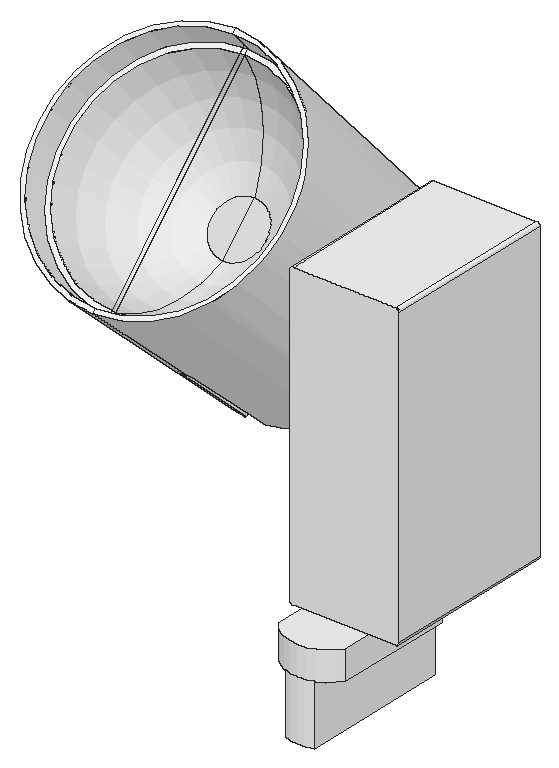
Revit family "0004833 Feilo Sylvania Lighting Fixture START TRACK SPOT L 55W 4K RA80 MB WHITE", category Lighting Fixtures, host Face, Revit 2017 (continued)
Definition of nested family "Start Track Spot Head"
  Types (96, lengths in mm): name | Wattage | built-in parameter 1150134 | Photometric Web File | Model | built-in parameter 1150105 | Lumens | built-in parameter 1150107 | built-in parameter 1150106 | HeadThickness_FEILO | HeadRibOffset_FEILO | HeadRibDepth_FEILO | HeadRibCutWidth_FEILO | HeadRibCutOffset_FEILO | HeadReflectorRadius_FEILO | HeadReflectorOffset_FEILO | HeadLEDRadius_FEILO | HeadHeight_FEILO | HeadDiffusorOffset_FEILO | HeadDiaOut_FEILO | HeadDiaIn_FEILO | HeadAxisFromTop_FEILO | Emit from Circle Diameter | built-in parameter 1150104 | Description | Apparent Load
    0004864 START TRACK SPOT S 24W 3K RA90 WB WHITE | 24 W | (empty or 0) | "0004864.ies" | "START TRACK SPOT S 24W 3K RA90 WB WHITE" | 152.79 (stored number, unit not read) | 1920 lm | 3000 (stored number, unit not read) | 1.5279 (stored number, unit not read) | 1.5 | 4.179 | 55.714 | 7.167 | 50.87 | 50.588 | 55.714 | 9.556 | 117 | 9.435 | 86 | 77.477 | 69.354 | 77.477 | 7.4322 (stored number, unit not read) | "Integrated LED spotlight, Textured White - RAL9016, compact and minimalist design, ideal for retail applications, die-cast aluminium body, passive cooling heatsink. Beam angle: 64°, color temperature: 3000K , total system power: 24W, total fixture output: 1928 lm, LOR: 100%, colour rendering: Ra: 90 typical, LED Chromaticity: 3 step MacAdam ellipse, lifetime: >50000 hours at L70B50, energy class: A++, A+, A, IR/UV free light source without heat radiation, operating voltage: 220-240V / 50-60Hz, drive current: 600mA, electronic driver, non-dimmable, power factor: 0.95, electrical protection: Class II, Global Track 3 Phase adapter suitable for Global trac 3-circuit tracks, ingress protection rating: IP20, suitable for internal environment only, horizontal rotation: 355°, vertical tilt: 90°, dimensions: Ø86x140x200, weight: 0.966kg." | 24 VA
    0004863 START TRACK SPOT S 24W 3K RA90 MB WHITE | 24 W | (empty or 0) | "0004863.ies" | "START TRACK SPOT S 24W 3K RA90 MB WHITE" | 154.7 (stored number, unit not read) | 1944 lm | 3000 (stored number, unit not read) | 1.547 (stored number, unit not read) | 1.5 | 4.179 | 55.714 | 7.167 | 50.87 | 50.588 | 55.714 | 9.556 | 117 | 9.435 | 86 | 77.477 | 69.354 | 77.477 | 7.5251 (stored number, unit not read) | "Integrated LED spotlight, Textured White - RAL9016, compact and minimalist design, ideal for retail applications, die-cast aluminium body, passive cooling heatsink. Beam angle: 36°, color temperature: 3000K , total system power: 24W, total fixture output: 1944 lm, LOR: 100%, colour rendering: Ra: 90 typical, LED Chromaticity: 3 step MacAdam ellipse, lifetime: >50000 hours at L70B50, energy class: A++, A+, A, IR/UV free light source without heat radiation, operating voltage: 220-240V / 50-60Hz, drive current: 600mA, electronic driver, non-dimmable, power factor: 0.95, electrical protection: Class II, Global Track 3 Phase adapter suitable for Global trac 3-circuit tracks, ingress protection rating: IP20, suitable for internal environment only, horizontal rotation: 355°, vertical tilt: 90°, dimensions: Ø86x140x200, weight: 0.966kg." | 24 VA
    0004862 START TRACK SPOT S 24W 3K RA90 NB WHITE | 24 W | (empty or 0) | "0004862.ies" | "START TRACK SPOT S 24W 3K RA90 NB WHITE" | 158.52 (stored number, unit not read) | 1992 lm | 3000 (stored number, unit not read) | 1.5852 (stored number, unit not read) | 1.5 | 4.179 | 55.714 | 7.167 | 50.87 | 50.588 | 55.714 | 9.556 | 117 | 9.435 | 86 | 77.477 | 69.354 | 77.477 | 7.711 (stored number, unit not read) | "Integrated LED spotlight, Textured White - RAL9016, compact and minimalist design, ideal for retail applications, die-cast aluminium body, passive cooling heatsink. Beam angle: 12°, color temperature: 3000K , total system power: 24W, total fixture output: 1987 lm, LOR: 100%, colour rendering: Ra: 90 typical, LED Chromaticity: 3 step MacAdam ellipse, lifetime: >50000 hours at L70B50, energy class: A++, A+, A, IR/UV free light source without heat radiation, operating voltage: 220-240V / 50-60Hz, drive current: 600mA, electronic driver, non-dimmable, power factor: 0.95, electrical protection: Class II, Global Track 3 Phase adapter suitable for Global trac 3-circuit tracks, ingress protection rating: IP20, suitable for internal environment only, horizontal rotation: 355°, vertical tilt: 90°, dimensions: Ø86x140x200, weight: 0.966kg." | 24 VA
    0004861 START TRACK SPOT S 14W 3K RA90 WB WHITE | 14 W | (empty or 0) | "0004861.ies" | "START TRACK SPOT S 14W 3K RA90 WB WHITE" | 100.27 (stored number, unit not read) | 1260 lm | 3000 (stored number, unit not read) | 1.0027 (stored number, unit not read) | 1.5 | 4.179 | 55.714 | 7.167 | 50.87 | 50.588 | 55.714 | 9.556 | 117 | 9.435 | 86 | 77.477 | 69.354 | 77.477 | 8.3613 (stored number, unit not read) | "Integrated LED spotlight, Textured White - RAL9016, compact and minimalist design, ideal for retail applications, die-cast aluminium body, passive cooling heatsink. Beam angle: 64°, color temperature: 3000K , total system power: 14W, total fixture output: 1262 lm, LOR: 100%, colour rendering: Ra: 90 typical, LED Chromaticity: 3 step MacAdam ellipse, lifetime: >50000 hours at L70B50, energy class: A++, A+, A, IR/UV free light source without heat radiation, operating voltage: 220-240V / 50-60Hz, drive current: 350mA, electronic driver, non-dimmable, power factor: 0.92, electrical protection: Class II, Global Track 3 Phase adapter suitable for Global trac 3-circuit tracks, ingress protection rating: IP20, suitable for internal environment only, horizontal rotation: 355°, vertical tilt: 90°, dimensions: Ø86x140x200, weight: 0.940kg." | 14 VA
    0004860 START TRACK SPOT S 14W 3K RA90 MB WHITE | 14 W | (empty or 0) | "0004860.ies" | "START TRACK SPOT S 14W 3K RA90 MB WHITE" | 100.27 (stored number, unit not read) | 1260 lm | 3000 (stored number, unit not read) | 1.0027 (stored number, unit not read) | 1.5 | 4.179 | 55.714 | 7.167 | 50.87 | 50.588 | 55.714 | 9.556 | 117 | 9.435 | 86 | 77.477 | 69.354 | 77.477 | 8.3613 (stored number, unit not read) | "Integrated LED spotlight, Textured White - RAL9016, compact and minimalist design, ideal for retail applications, die-cast aluminium body, passive cooling heatsink. Beam angle: 36°, color temperature: 3000K , total system power: 14W, total fixture output: 1262 lm, LOR: 100%, colour rendering: Ra: 90 typical, LED Chromaticity: 3 step MacAdam ellipse, lifetime: >50000 hours at L70B50, energy class: A++, A+, A, IR/UV free light source without heat radiation, operating voltage: 220-240V / 50-60Hz, drive current: 350mA, electronic driver, non-dimmable, power factor: 0.92, electrical protection: Class II, Global Track 3 Phase adapter suitable for Global trac 3-circuit tracks, ingress protection rating: IP20, suitable for internal environment only, horizontal rotation: 355°, vertical tilt: 90°, dimensions: Ø86x140x200, weight: 0.940kg." | 14 VA
    0004859 START TRACK SPOT S 14W 3K RA90 NB WHITE | 14 W | (empty or 0) | "0004859.ies" | "START TRACK SPOT S 14W 3K RA90 NB WHITE" | 102.5 (stored number, unit not read) | 1288 lm | 3000 (stored number, unit not read) | 1.025 (stored number, unit not read) | 1.5 | 4.179 | 55.714 | 7.167 | 50.87 | 50.588 | 55.714 | 9.556 | 117 | 9.435 | 86 | 77.477 | 69.354 | 77.477 | 8.5471 (stored number, unit not read) | "Integrated LED spotlight, Textured White - RAL9016, compact and minimalist design, ideal for retail applications, die-cast aluminium body, passive cooling heatsink. Beam angle: 12°, color temperature: 3000K , total system power: 14W, total fixture output: 1284 lm, LOR: 100%, colour rendering: Ra: 90 typical, LED Chromaticity: 3 step MacAdam ellipse, lifetime: >50000 hours at L70B50, energy class: A++, A+, A, IR/UV free light source without heat radiation, operating voltage: 220-240V / 50-60Hz, drive current: 350mA, electronic driver, non-dimmable, power factor: 0.92, electrical protection: Class II, Global Track 3 Phase adapter suitable for Global trac 3-circuit tracks, ingress protection rating: IP20, suitable for internal environment only, horizontal rotation: 355°, vertical tilt: 90°, dimensions: Ø86x140x200, weight: 0.940kg." | 14 VA
    0004858 START TRACK SPOT L 55W 4K RA80 WB BLACK | 55 W | 12 | "0004858.ies" | "START TRACK SPOT L 55W 4K RA80 WB BLACK" | 424.55 (stored number, unit not read) | 5335 lm | 4000 (stored number, unit not read) | 4.2455 (stored number, unit not read) | 2 | 4.429 | 59.048 | 9.417 | 53.913 | 66.471 | 59.048 | 12.556 | 124 | 10 | 113 | 101.802 | 73.503 | 101.802 | 9.0116 (stored number, unit not read) | "Integrated LED spotlight, Textured Black - RAL9005, compact and minimalist design, ideal for retail applications, die-cast aluminium body, passive cooling heatsink. Beam angle: 52°, color temperature: 4000K , total system power: 55W, total fixture output: 5320 lm, LOR: 100%, colour rendering: Ra: 80 typical, LED Chromaticity: 3 step MacAdam ellipse, lifetime: >50000 hours at L70B50, energy class: A++, A+, A, IR/UV free light source without heat radiation, operating voltage: 220-240V / 50-60Hz, drive current: 1400mA, electronic driver, non-dimmable, power factor: 0.96, electrical protection: Class II, Global Track 3 Phase adapter suitable for Global trac 3-circuit tracks, ingress protection rating: IP20, suitable for internal environment only, horizontal rotation: 355°, vertical tilt: 90°, dimensions: Ø113x164x240, weight: 1.398kg." | 55 VA
    0004857 START TRACK SPOT L 55W 4K RA80 MB BLACK | 55 W | 12 | "0004857.ies" | "START TRACK SPOT L 55W 4K RA80 MB BLACK" | 428.92 (stored number, unit not read) | 5390 lm | 4000 (stored number, unit not read) | 4.2892 (stored number, unit not read) | 2 | 4.429 | 59.048 | 9.417 | 53.913 | 66.471 | 59.048 | 12.556 | 124 | 10 | 113 | 101.802 | 73.503 | 101.802 | 9.1045 (stored number, unit not read) | "Integrated LED spotlight, Textured Black - RAL9005, compact and minimalist design, ideal for retail applications, die-cast aluminium body, passive cooling heatsink. Beam angle: 38°, color temperature: 4000K , total system power: 55W, total fixture output: 5378 lm, LOR: 100%, colour rendering: Ra: 80 typical, LED Chromaticity: 3 step MacAdam ellipse, lifetime: >50000 hours at L70B50, energy class: A++, A+, A, IR/UV free light source without heat radiation, operating voltage: 220-240V / 50-60Hz, drive current: 1400mA, electronic driver, non-dimmable, power factor: 0.96, electrical protection: Class II, Global Track 3 Phase adapter suitable for Global trac 3-circuit tracks, ingress protection rating: IP20, suitable for internal environment only, horizontal rotation: 355°, vertical tilt: 90°, dimensions: Ø113x164x240, weight: 1.398kg." | 55 VA
    0004856 START TRACK SPOT L 55W 4K RA80 NB BLACK | 55 W | 12 | "0004856.ies" | "START TRACK SPOT L 55W 4K RA80 NB BLACK" | 433.3 (stored number, unit not read) | 5445 lm | 4000 (stored number, unit not read) | 4.333 (stored number, unit not read) | 2 | 4.429 | 59.048 | 9.417 | 53.913 | 66.471 | 59.048 | 12.556 | 124 | 10 | 113 | 101.802 | 73.503 | 101.802 | 9.1974 (stored number, unit not read) | "Integrated LED spotlight, Textured Black - RAL9005, compact and minimalist design, ideal for retail applications, die-cast aluminium body, passive cooling heatsink. Beam angle: 15°, color temperature: 4000K , total system power: 55W, total fixture output: 5426 lm, LOR: 100%, colour rendering: Ra: 80 typical, LED Chromaticity: 3 step MacAdam ellipse, lifetime: >50000 hours at L70B50, energy class: A++, A+, A, IR/UV free light source without heat radiation, operating voltage: 220-240V / 50-60Hz, drive current: 1400mA, electronic driver, non-dimmable, power factor: 0.96, electrical protection: Class II, Global Track 3 Phase adapter suitable for Global trac 3-circuit tracks, ingress protection rating: IP20, suitable for internal environment only, horizontal rotation: 355°, vertical tilt: 90°, dimensions: Ø113x164x240, weight: 1.398kg." | 55 VA
    0004855 START TRACK SPOT L 35W 4K RA80 WB BLACK | 35 W | 12 | "0004855.ies" | "START TRACK SPOT L 35W 4K RA80 WB BLACK" | 320.3 (stored number, unit not read) | 4025 lm | 4000 (stored number, unit not read) | 3.203 (stored number, unit not read) | 2 | 4.429 | 59.048 | 9.417 | 53.913 | 66.471 | 59.048 | 12.556 | 124 | 10 | 113 | 101.802 | 73.503 | 101.802 | 10.684 (stored number, unit not read) | "Integrated LED spotlight, Textured Black - RAL9005, compact and minimalist design, ideal for retail applications, die-cast aluminium body, passive cooling heatsink. Beam angle: 52°, color temperature: 4000K , total system power: 35W, total fixture output: 4010 lm, LOR: 100%, colour rendering: Ra: 80 typical, LED Chromaticity: 3 step MacAdam ellipse, lifetime: >50000 hours at L70B50, energy class: A++, A+, A, IR/UV free light source without heat radiation, operating voltage: 220-240V / 50-60Hz, drive current: 900mA, electronic driver, non-dimmable, power factor: 0.93, electrical protection: Class II, Global Track 3 Phase adapter suitable for Global trac 3-circuit tracks, ingress protection rating: IP20, suitable for internal environment only, horizontal rotation: 355°, vertical tilt: 90°, dimensions: Ø113x164x240, weight: 1.368kg." | 35 VA
    0004854 START TRACK SPOT L 35W 4K RA80 MB BLACK | 35 W | 12 | "0004854.ies" | "START TRACK SPOT L 35W 4K RA80 MB BLACK" | 320.3 (stored number, unit not read) | 4025 lm | 4000 (stored number, unit not read) | 3.203 (stored number, unit not read) | 2 | 4.429 | 59.048 | 9.417 | 53.913 | 66.471 | 59.048 | 12.556 | 124 | 10 | 113 | 101.802 | 73.503 | 101.802 | 10.684 (stored number, unit not read) | "Integrated LED spotlight, Textured Black - RAL9005, compact and minimalist design, ideal for retail applications, die-cast aluminium body, passive cooling heatsink. Beam angle: 38°, color temperature: 4000K , total system power: 35W, total fixture output: 4017 lm, LOR: 100%, colour rendering: Ra: 80 typical, LED Chromaticity: 3 step MacAdam ellipse, lifetime: >50000 hours at L70B50, energy class: A++, A+, A, IR/UV free light source without heat radiation, operating voltage: 220-240V / 50-60Hz, drive current: 900mA, electronic driver, non-dimmable, power factor: 0.93, electrical protection: Class II, Global Track 3 Phase adapter suitable for Global trac 3-circuit tracks, ingress protection rating: IP20, suitable for internal environment only, horizontal rotation: 355°, vertical tilt: 90°, dimensions: Ø113x164x240, weight: 1.368kg." | 35 VA
    0004853 START TRACK SPOT L 35W 4K RA80 NB BLACK | 35 W | 12 | "0004853.ies" | "START TRACK SPOT L 35W 4K RA80 NB BLACK" | 331.44 (stored number, unit not read) | 4165 lm | 4000 (stored number, unit not read) | 3.3144 (stored number, unit not read) | 2 | 4.429 | 59.048 | 9.417 | 53.913 | 66.471 | 59.048 | 12.556 | 124 | 10 | 113 | 101.802 | 73.503 | 101.802 | 11.055 (stored number, unit not read) | "Integrated LED spotlight, Textured Black - RAL9005, compact and minimalist design, ideal for retail applications, die-cast aluminium body, passive cooling heatsink. Beam angle: 15°, color temperature: 4000K , total system power: 35W, total fixture output: 4174 lm, LOR: 100%, colour rendering: Ra: 80 typical, LED Chromaticity: 3 step MacAdam ellipse, lifetime: >50000 hours at L70B50, energy class: A++, A+, A, IR/UV free light source without heat radiation, operating voltage: 220-240V / 50-60Hz, drive current: 900mA, electronic driver, non-dimmable, power factor: 0.93, electrical protection: Class II, Global Track 3 Phase adapter suitable for Global trac 3-circuit tracks, ingress protection rating: IP20, suitable for internal environment only, horizontal rotation: 355°, vertical tilt: 90°, dimensions: Ø113x164x240, weight: 1.368kg." | 35 VA
    0004852 START TRACK SPOT S 24W 4K RA80 WB BLACK | 24 W | 12 | "0004852.ies" | "START TRACK SPOT S 24W 4K RA80 WB BLACK" | 196.72 (stored number, unit not read) | 2472 lm | 4000 (stored number, unit not read) | 1.9672 (stored number, unit not read) | 1.5 | 4.179 | 55.714 | 7.167 | 50.87 | 50.588 | 55.714 | 9.556 | 117 | 9.435 | 86 | 77.477 | 69.354 | 77.477 | 9.569 (stored number, unit not read) | "Integrated LED spotlight, Textured Black - RAL9005, compact and minimalist design, ideal for retail applications, die-cast aluminium body, passive cooling heatsink. Beam angle: 64°, color temperature: 4000K , total system power: 24W, total fixture output: 2476 lm, LOR: 100%, colour rendering: Ra: 80 typical, LED Chromaticity: 3 step MacAdam ellipse, lifetime: >50000 hours at L70B50, energy class: A++, A+, A, IR/UV free light source without heat radiation, operating voltage: 220-240V / 50-60Hz, drive current: 600mA, electronic driver, non-dimmable, power factor: 0.95, electrical protection: Class II, Global Track 3 Phase adapter suitable for Global trac 3-circuit tracks, ingress protection rating: IP20, suitable for internal environment only, horizontal rotation: 355°, vertical tilt: 90°, dimensions: Ø86x140x200, weight: 0.966kg." | 24 VA
    0004851 START TRACK SPOT S 24W 4K RA80 MB BLACK | 24 W | 12 | "0004851.ies" | "START TRACK SPOT S 24W 4K RA80 MB BLACK" | 198.63 (stored number, unit not read) | 2496 lm | 4000 (stored number, unit not read) | 1.9863 (stored number, unit not read) | 1.5 | 4.179 | 55.714 | 7.167 | 50.87 | 50.588 | 55.714 | 9.556 | 117 | 9.435 | 86 | 77.477 | 69.354 | 77.477 | 9.6619 (stored number, unit not read) | "Integrated LED spotlight, Textured Black - RAL9005, compact and minimalist design, ideal for retail applications, die-cast aluminium body, passive cooling heatsink. Beam angle: 36°, color temperature: 4000K , total system power: 24W, total fixture output: 2487 lm, LOR: 100%, colour rendering: Ra: 80 typical, LED Chromaticity: 3 step MacAdam ellipse, lifetime: >50000 hours at L70B50, energy class: A++, A+, A, IR/UV free light source without heat radiation, operating voltage: 220-240V / 50-60Hz, drive current: 600mA, electronic driver, non-dimmable, power factor: 0.95, electrical protection: Class II, Global Track 3 Phase adapter suitable for Global trac 3-circuit tracks, ingress protection rating: IP20, suitable for internal environment only, horizontal rotation: 355°, vertical tilt: 90°, dimensions: Ø86x140x200, weight: 0.966kg." | 24 VA
    0004850 START TRACK SPOT S 24W 4K RA80 NB BLACK | 24 W | 12 | "0004850.ies" | "START TRACK SPOT S 24W 4K RA80 NB BLACK" | 200.54 (stored number, unit not read) | 2520 lm | 4000 (stored number, unit not read) | 2.0054 (stored number, unit not read) | 1.5 | 4.179 | 55.714 | 7.167 | 50.87 | 50.588 | 55.714 | 9.556 | 117 | 9.435 | 86 | 77.477 | 69.354 | 77.477 | 9.7548 (stored number, unit not read) | "Integrated LED spotlight, Textured Black - RAL9005, compact and minimalist design, ideal for retail applications, die-cast aluminium body, passive cooling heatsink. Beam angle: 12°, color temperature: 4000K , total system power: 24W, total fixture output: 2529 lm, LOR: 100%, colour rendering: Ra: 80 typical, LED Chromaticity: 3 step MacAdam ellipse, lifetime: >50000 hours at L70B50, energy class: A++, A+, A, IR/UV free light source without heat radiation, operating voltage: 220-240V / 50-60Hz, drive current: 600mA, electronic driver, non-dimmable, power factor: 0.95, electrical protection: Class II, Global Track 3 Phase adapter suitable for Global trac 3-circuit tracks, ingress protection rating: IP20, suitable for internal environment only, horizontal rotation: 355°, vertical tilt: 90°, dimensions: Ø86x140x200, weight: 0.966kg." | 24 VA
    0004849 START TRACK SPOT S 14W 4K RA80 WB BLACK | 14 W | 12 | "0004849.ies" | "START TRACK SPOT S 14W 4K RA80 WB BLACK" | 123.66 (stored number, unit not read) | 1554 lm | 4000 (stored number, unit not read) | 1.2366 (stored number, unit not read) | 1.5 | 4.179 | 55.714 | 7.167 | 50.87 | 50.588 | 55.714 | 9.556 | 117 | 9.435 | 86 | 77.477 | 69.354 | 77.477 | 10.312 (stored number, unit not read) | "Integrated LED spotlight, Textured Black - RAL9005, compact and minimalist design, ideal for retail applications, die-cast aluminium body, passive cooling heatsink. Beam angle: 64°, color temperature: 4000K , total system power: 14W, total fixture output: 1558 lm, LOR: 100%, colour rendering: Ra: 80 typical, LED Chromaticity: 3 step MacAdam ellipse, lifetime: >50000 hours at L70B50, energy class: A++, A+, A, IR/UV free light source without heat radiation, operating voltage: 220-240V / 50-60Hz, drive current: 350mA, electronic driver, non-dimmable, power factor: 0.92, electrical protection: Class II, Global Track 3 Phase adapter suitable for Global trac 3-circuit tracks, ingress protection rating: IP20, suitable for internal environment only, horizontal rotation: 355°, vertical tilt: 90°, dimensions: Ø86x140x200, weight: 0.940kg." | 14 VA
    0004848 START TRACK SPOT S 14W 4K RA80 MB BLACK | 14 W | 12 | "0004848.ies" | "START TRACK SPOT S 14W 4K RA80 MB BLACK" | 127.01 (stored number, unit not read) | 1596 lm | 4000 (stored number, unit not read) | 1.2701 (stored number, unit not read) | 1.5 | 4.179 | 55.714 | 7.167 | 50.87 | 50.588 | 55.714 | 9.556 | 117 | 9.435 | 86 | 77.477 | 69.354 | 77.477 | 10.591 (stored number, unit not read) | "Integrated LED spotlight, Textured Black - RAL9005, compact and minimalist design, ideal for retail applications, die-cast aluminium body, passive cooling heatsink. Beam angle: 36°, color temperature: 4000K , total system power: 14W, total fixture output: 1598 lm, LOR: 100%, colour rendering: Ra: 80 typical, LED Chromaticity: 3 step MacAdam ellipse, lifetime: >50000 hours at L70B50, energy class: A++, A+, A, IR/UV free light source without heat radiation, operating voltage: 220-240V / 50-60Hz, drive current: 350mA, electronic driver, non-dimmable, power factor: 0.92, electrical protection: Class II, Global Track 3 Phase adapter suitable for Global trac 3-circuit tracks, ingress protection rating: IP20, suitable for internal environment only, horizontal rotation: 355°, vertical tilt: 90°, dimensions: Ø86x140x200, weight: 0.940kg." | 14 VA
    0004847 START TRACK SPOT S 14W 4K RA80 NB BLACK | 14 W | 12 | "0004847.ies" | "START TRACK SPOT S 14W 4K RA80 NB BLACK" | 128.12 (stored number, unit not read) | 1610 lm | 4000 (stored number, unit not read) | 1.2812 (stored number, unit not read) | 1.5 | 4.179 | 55.714 | 7.167 | 50.87 | 50.588 | 55.714 | 9.556 | 117 | 9.435 | 86 | 77.477 | 69.354 | 77.477 | 10.684 (stored number, unit not read) | "Integrated LED spotlight, Textured Black - RAL9005, compact and minimalist design, ideal for retail applications, die-cast aluminium body, passive cooling heatsink. Beam angle: 12°, color temperature: 4000K , total system power: 14W, total fixture output: 1608 lm, LOR: 100%, colour rendering: Ra: 80 typical, LED Chromaticity: 3 step MacAdam ellipse, lifetime: >50000 hours at L70B50, energy class: A++, A+, A, IR/UV free light source without heat radiation, operating voltage: 220-240V / 50-60Hz, drive current: 350mA, electronic driver, non-dimmable, power factor: 0.92, electrical protection: Class II, Global Track 3 Phase adapter suitable for Global trac 3-circuit tracks, ingress protection rating: IP20, suitable for internal environment only, horizontal rotation: 355°, vertical tilt: 90°, dimensions: Ø86x140x200, weight: 0.940kg." | 14 VA
    0004846 START TRACK SPOT L 55W 3K RA80 WB BLACK | 55 W | (empty or 0) | "0004846.ies" | "START TRACK SPOT L 55W 3K RA80 WB BLACK" | 420.17 (stored number, unit not read) | 5280 lm | 3000 (stored number, unit not read) | 4.2017 (stored number, unit not read) | 2 | 4.429 | 59.048 | 9.417 | 53.913 | 66.471 | 59.048 | 12.556 | 124 | 10 | 113 | 101.802 | 73.503 | 101.802 | 8.9187 (stored number, unit not read) | "Integrated LED spotlight, Textured Black - RAL9005, compact and minimalist design, ideal for retail applications, die-cast aluminium body, passive cooling heatsink. Beam angle: 52°, color temperature: 3000K , total system power: 55W, total fixture output: 5298 lm, LOR: 100%, colour rendering: Ra: 80 typical, LED Chromaticity: 3 step MacAdam ellipse, lifetime: >50000 hours at L70B50, energy class: A++, A+, A, IR/UV free light source without heat radiation, operating voltage: 220-240V / 50-60Hz, drive current: 1400mA, electronic driver, non-dimmable, power factor: 0.96, electrical protection: Class II, Global Track 3 Phase adapter suitable for Global trac 3-circuit tracks, ingress protection rating: IP20, suitable for internal environment only, horizontal rotation: 355°, vertical tilt: 90°, dimensions: Ø113x164x240, weight: 1.398kg." | 55 VA
    0004845 START TRACK SPOT L 55W 3K RA80 MB BLACK | 55 W | (empty or 0) | "0004845.ies" | "START TRACK SPOT L 55W 3K RA80 MB BLACK" | 428.92 (stored number, unit not read) | 5390 lm | 3000 (stored number, unit not read) | 4.2892 (stored number, unit not read) | 2 | 4.429 | 59.048 | 9.417 | 53.913 | 66.471 | 59.048 | 12.556 | 124 | 10 | 113 | 101.802 | 73.503 | 101.802 | 9.1045 (stored number, unit not read) | "Integrated LED spotlight, Textured Black - RAL9005, compact and minimalist design, ideal for retail applications, die-cast aluminium body, passive cooling heatsink. Beam angle: 38°, color temperature: 3000K , total system power: 55W, total fixture output: 5381 lm, LOR: 100%, colour rendering: Ra: 80 typical, LED Chromaticity: 3 step MacAdam ellipse, lifetime: >50000 hours at L70B50, energy class: A++, A+, A, IR/UV free light source without heat radiation, operating voltage: 220-240V / 50-60Hz, drive current: 1400mA, electronic driver, non-dimmable, power factor: 0.96, electrical protection: Class II, Global Track 3 Phase adapter suitable for Global trac 3-circuit tracks, ingress protection rating: IP20, suitable for internal environment only, horizontal rotation: 355°, vertical tilt: 90°, dimensions: Ø113x164x240, weight: 1.398kg." | 55 VA
    0004844 START TRACK SPOT L 55W 3K RA80 NB BLACK | 55 W | (empty or 0) | "0004844.ies" | "START TRACK SPOT L 55W 3K RA80 NB BLACK" | 433.3 (stored number, unit not read) | 5445 lm | 3000 (stored number, unit not read) | 4.333 (stored number, unit not read) | 2 | 4.429 | 59.048 | 9.417 | 53.913 | 66.471 | 59.048 | 12.556 | 124 | 10 | 113 | 101.802 | 73.503 | 101.802 | 9.1974 (stored number, unit not read) | "Integrated LED spotlight, Textured Black - RAL9005, compact and minimalist design, ideal for retail applications, die-cast aluminium body, passive cooling heatsink. Beam angle: 15°, color temperature: 3000K , total system power: 55W, total fixture output: 5449 lm, LOR: 100%, colour rendering: Ra: 80 typical, LED Chromaticity: 3 step MacAdam ellipse, lifetime: >50000 hours at L70B50, energy class: A++, A+, A, IR/UV free light source without heat radiation, operating voltage: 220-240V / 50-60Hz, drive current: 1400mA, electronic driver, non-dimmable, power factor: 0.96, electrical protection: Class II, Global Track 3 Phase adapter suitable for Global trac 3-circuit tracks, ingress protection rating: IP20, suitable for internal environment only, horizontal rotation: 355°, vertical tilt: 90°, dimensions: Ø113x164x240, weight: 1.398kg." | 55 VA
    0004843 START TRACK SPOT L 35W 3K RA80 WB BLACK | 35 W | (empty or 0) | "0004843.ies" | "START TRACK SPOT L 35W 3K RA80 WB BLACK" | 314.73 (stored number, unit not read) | 3955 lm | 3000 (stored number, unit not read) | 3.1473 (stored number, unit not read) | 2 | 4.429 | 59.048 | 9.417 | 53.913 | 66.471 | 59.048 | 12.556 | 124 | 10 | 113 | 101.802 | 73.503 | 101.802 | 10.498 (stored number, unit not read) | "Integrated LED spotlight, Textured Black - RAL9005, compact and minimalist design, ideal for retail applications, die-cast aluminium body, passive cooling heatsink. Beam angle: 52°, color temperature: 3000K , total system power: 35W, total fixture output: 3943 lm, LOR: 100%, colour rendering: Ra: 80 typical, LED Chromaticity: 3 step MacAdam ellipse, lifetime: >50000 hours at L70B50, energy class: A++, A+, A, IR/UV free light source without heat radiation, operating voltage: 220-240V / 50-60Hz, drive current: 900mA, electronic driver, non-dimmable, power factor: 0.93, electrical protection: Class II, Global Track 3 Phase adapter suitable for Global trac 3-circuit tracks, ingress protection rating: IP20, suitable for internal environment only, horizontal rotation: 355°, vertical tilt: 90°, dimensions: Ø113x164x240, weight: 1.368kg." | 35 VA
    0004842 START TRACK SPOT L 35W 3K RA80 MB BLACK | 35 W | (empty or 0) | "0004842.ies" | "START TRACK SPOT L 35W 3K RA80 MB BLACK" | 320.3 (stored number, unit not read) | 4025 lm | 3000 (stored number, unit not read) | 3.203 (stored number, unit not read) | 2 | 4.429 | 59.048 | 9.417 | 53.913 | 66.471 | 59.048 | 12.556 | 124 | 10 | 113 | 101.802 | 73.503 | 101.802 | 10.684 (stored number, unit not read) | "Integrated LED spotlight, Textured Black - RAL9005, compact and minimalist design, ideal for retail applications, die-cast aluminium body, passive cooling heatsink. Beam angle: 38°, color temperature: 3000K , total system power: 35W, total fixture output: 4008 lm, LOR: 100%, colour rendering: Ra: 80 typical, LED Chromaticity: 3 step MacAdam ellipse, lifetime: >50000 hours at L70B50, energy class: A++, A+, A, IR/UV free light source without heat radiation, operating voltage: 220-240V / 50-60Hz, drive current: 900mA, electronic driver, non-dimmable, power factor: 0.93, electrical protection: Class II, Global Track 3 Phase adapter suitable for Global trac 3-circuit tracks, ingress protection rating: IP20, suitable for internal environment only, horizontal rotation: 355°, vertical tilt: 90°, dimensions: Ø113x164x240, weight: 1.368kg." | 35 VA
    0004841 START TRACK SPOT L 35W 3K RA80 NB BLACK | 35 W | (empty or 0) | "0004841.ies" | "START TRACK SPOT L 35W 3K RA80 NB BLACK" | 317.51 (stored number, unit not read) | 3990 lm | 3000 (stored number, unit not read) | 3.1751 (stored number, unit not read) | 2 | 4.429 | 59.048 | 9.417 | 53.913 | 66.471 | 59.048 | 12.556 | 124 | 10 | 113 | 101.802 | 73.503 | 101.802 | 10.591 (stored number, unit not read) | "Integrated LED spotlight, Textured Black - RAL9005, compact and minimalist design, ideal for retail applications, die-cast aluminium body, passive cooling heatsink. Beam angle: 15°, color temperature: 3000K , total system power: 35W, total fixture output: 4005 lm, LOR: 100%, colour rendering: Ra: 80 typical, LED Chromaticity: 3 step MacAdam ellipse, lifetime: >50000 hours at L70B50, energy class: A++, A+, A, IR/UV free light source without heat radiation, operating voltage: 220-240V / 50-60Hz, drive current: 900mA, electronic driver, non-dimmable, power factor: 0.93, electrical protection: Class II, Global Track 3 Phase adapter suitable for Global trac 3-circuit tracks, ingress protection rating: IP20, suitable for internal environment only, horizontal rotation: 355°, vertical tilt: 90°, dimensions: Ø113x164x240, weight: 1.368kg." | 35 VA
    0004840 START TRACK SPOT S 24W 3K RA80 WB BLACK | 24 W | (empty or 0) | "0004840.ies" | "START TRACK SPOT S 24W 3K RA80 WB BLACK" | 185.26 (stored number, unit not read) | 2328 lm | 3000 (stored number, unit not read) | 1.8526 (stored number, unit not read) | 1.5 | 4.179 | 55.714 | 7.167 | 50.87 | 50.588 | 55.714 | 9.556 | 117 | 9.435 | 86 | 77.477 | 69.354 | 77.477 | 9.0116 (stored number, unit not read) | "Integrated LED spotlight, Textured Black - RAL9005, compact and minimalist design, ideal for retail applications, die-cast aluminium body, passive cooling heatsink. Beam angle: 64°, color temperature: 3000K , total system power: 24W, total fixture output: 2318 lm, LOR: 100%, colour rendering: Ra: 80 typical, LED Chromaticity: 3 step MacAdam ellipse, lifetime: >50000 hours at L70B50, energy class: A++, A+, A, IR/UV free light source without heat radiation, operating voltage: 220-240V / 50-60Hz, drive current: 600mA, electronic driver, non-dimmable, power factor: 0.95, electrical protection: Class II, Global Track 3 Phase adapter suitable for Global trac 3-circuit tracks, ingress protection rating: IP20, suitable for internal environment only, horizontal rotation: 355°, vertical tilt: 90°, dimensions: Ø86x140x200, weight: 0.966kg." | 24 VA
    0004839 START TRACK SPOT S 24W 3K RA80 MB BLACK | 24 W | (empty or 0) | "0004839.ies" | "START TRACK SPOT S 24W 3K RA80 MB BLACK" | 183.35 (stored number, unit not read) | 2304 lm | 3000 (stored number, unit not read) | 1.8335 (stored number, unit not read) | 1.5 | 4.179 | 55.714 | 7.167 | 50.87 | 50.588 | 55.714 | 9.556 | 117 | 9.435 | 86 | 77.477 | 69.354 | 77.477 | 8.9187 (stored number, unit not read) | "Integrated LED spotlight, Textured Black - RAL9005, compact and minimalist design, ideal for retail applications, die-cast aluminium body, passive cooling heatsink. Beam angle: 36°, color temperature: 3000K , total system power: 24W, total fixture output: 2314 lm, LOR: 100%, colour rendering: Ra: 80 typical, LED Chromaticity: 3 step MacAdam ellipse, lifetime: >50000 hours at L70B50, energy class: A++, A+, A, IR/UV free light source without heat radiation, operating voltage: 220-240V / 50-60Hz, drive current: 600mA, electronic driver, non-dimmable, power factor: 0.95, electrical protection: Class II, Global Track 3 Phase adapter suitable for Global trac 3-circuit tracks, ingress protection rating: IP20, suitable for internal environment only, horizontal rotation: 355°, vertical tilt: 90°, dimensions: Ø86x140x200, weight: 0.966kg." | 24 VA
    0004838 START TRACK SPOT S 24W 3K RA80 NB BLACK | 24 W | (empty or 0) | "0004838.ies" | "START TRACK SPOT S 24W 3K RA80 NB BLACK" | 185.26 (stored number, unit not read) | 2328 lm | 3000 (stored number, unit not read) | 1.8526 (stored number, unit not read) | 1.5 | 4.179 | 55.714 | 7.167 | 50.87 | 50.588 | 55.714 | 9.556 | 117 | 9.435 | 86 | 77.477 | 69.354 | 77.477 | 9.0116 (stored number, unit not read) | "Integrated LED spotlight, Textured Black - RAL9005, compact and minimalist design, ideal for retail applications, die-cast aluminium body, passive cooling heatsink. Beam angle: 12°, color temperature: 3000K , total system power: 24W, total fixture output: 2334 lm, LOR: 100%, colour rendering: Ra: 80 typical, LED Chromaticity: 3 step MacAdam ellipse, lifetime: >50000 hours at L70B50, energy class: A++, A+, A, IR/UV free light source without heat radiation, operating voltage: 220-240V / 50-60Hz, drive current: 600mA, electronic driver, non-dimmable, power factor: 0.95, electrical protection: Class II, Global Track 3 Phase adapter suitable for Global trac 3-circuit tracks, ingress protection rating: IP20, suitable for internal environment only, horizontal rotation: 355°, vertical tilt: 90°, dimensions: Ø86x140x200, weight: 0.966kg." | 24 VA
    0004837 START TRACK SPOT S 14W 3K RA80 WB BLACK | 14 W | (empty or 0) | "0004837.ies" | "START TRACK SPOT S 14W 3K RA80 WB BLACK" | 119.21 (stored number, unit not read) | 1498 lm | 3000 (stored number, unit not read) | 1.1921 (stored number, unit not read) | 1.5 | 4.179 | 55.714 | 7.167 | 50.87 | 50.588 | 55.714 | 9.556 | 117 | 9.435 | 86 | 77.477 | 69.354 | 77.477 | 9.9406 (stored number, unit not read) | "Integrated LED spotlight, Textured Black - RAL9005, compact and minimalist design, ideal for retail applications, die-cast aluminium body, passive cooling heatsink. Beam angle: 64°, color temperature: 3000K , total system power: 14W, total fixture output: 1498 lm, LOR: 100%, colour rendering: Ra: 80 typical, LED Chromaticity: 3 step MacAdam ellipse, lifetime: >50000 hours at L70B50, energy class: A++, A+, A, IR/UV free light source without heat radiation, operating voltage: 220-240V / 50-60Hz, drive current: 350mA, electronic driver, non-dimmable, power factor: 0.92, electrical protection: Class II, Global Track 3 Phase adapter suitable for Global trac 3-circuit tracks, ingress protection rating: IP20, suitable for internal environment only, horizontal rotation: 355°, vertical tilt: 90°, dimensions: Ø86x140x200, weight: 0.940kg." | 14 VA
    0004836 START TRACK SPOT S 14W 3K RA80 MB BLACK | 14 W | (empty or 0) | "0004836.ies" | "START TRACK SPOT S 14W 3K RA80 MB BLACK" | 120.32 (stored number, unit not read) | 1512 lm | 3000 (stored number, unit not read) | 1.2032 (stored number, unit not read) | 1.5 | 4.179 | 55.714 | 7.167 | 50.87 | 50.588 | 55.714 | 9.556 | 117 | 9.435 | 86 | 77.477 | 69.354 | 77.477 | 10.034 (stored number, unit not read) | "Integrated LED spotlight, Textured Black - RAL9005, compact and minimalist design, ideal for retail applications, die-cast aluminium body, passive cooling heatsink. Beam angle: 36°, color temperature: 3000K , total system power: 14W, total fixture output: 1508 lm, LOR: 100%, colour rendering: Ra: 80 typical, LED Chromaticity: 3 step MacAdam ellipse, lifetime: >50000 hours at L70B50, energy class: A++, A+, A, IR/UV free light source without heat radiation, operating voltage: 220-240V / 50-60Hz, drive current: 350mA, electronic driver, non-dimmable, power factor: 0.92, electrical protection: Class II, Global Track 3 Phase adapter suitable for Global trac 3-circuit tracks, ingress protection rating: IP20, suitable for internal environment only, horizontal rotation: 355°, vertical tilt: 90°, dimensions: Ø86x140x200, weight: 0.940kg." | 14 VA
    0004835 START TRACK SPOT S 14W 3K RA80 NB BLACK | 14 W | (empty or 0) | "0004835.ies" | "START TRACK SPOT S 14W 3K RA80 NB BLACK" | 123.66 (stored number, unit not read) | 1554 lm | 3000 (stored number, unit not read) | 1.2366 (stored number, unit not read) | 1.5 | 4.179 | 55.714 | 7.167 | 50.87 | 50.588 | 55.714 | 9.556 | 117 | 9.435 | 86 | 77.477 | 69.354 | 77.477 | 10.312 (stored number, unit not read) | "Integrated LED spotlight, Textured Black - RAL9005, compact and minimalist design, ideal for retail applications, die-cast aluminium body, passive cooling heatsink. Beam angle: 12°, color temperature: 3000K , total system power: 14W, total fixture output: 1551 lm, LOR: 100%, colour rendering: Ra: 80 typical, LED Chromaticity: 3 step MacAdam ellipse, lifetime: >50000 hours at L70B50, energy class: A++, A+, A, IR/UV free light source without heat radiation, operating voltage: 220-240V / 50-60Hz, drive current: 350mA, electronic driver, non-dimmable, power factor: 0.92, electrical protection: Class II, Global Track 3 Phase adapter suitable for Global trac 3-circuit tracks, ingress protection rating: IP20, suitable for internal environment only, horizontal rotation: 355°, vertical tilt: 90°, dimensions: Ø86x140x200, weight: 0.940kg." | 14 VA
    0004834 START TRACK SPOT L 55W 4K RA80 WB WHITE | 55 W | 12 | "0004834.ies" | "START TRACK SPOT L 55W 4K RA80 WB WHITE" | 424.55 (stored number, unit not read) | 5335 lm | 4000 (stored number, unit not read) | 4.2455 (stored number, unit not read) | 2 | 4.429 | 59.048 | 9.417 | 53.913 | 66.471 | 59.048 | 12.556 | 124 | 10 | 113 | 101.802 | 73.503 | 101.802 | 9.0116 (stored number, unit not read) | "Integrated LED spotlight, Textured White - RAL9016, compact and minimalist design, ideal for retail applications, die-cast aluminium body, passive cooling heatsink. Beam angle: 52°, color temperature: 4000K , total system power: 55W, total fixture output: 5320 lm, LOR: 100%, colour rendering: Ra: 80 typical, LED Chromaticity: 3 step MacAdam ellipse, lifetime: >50000 hours at L70B50, energy class: A++, A+, A, IR/UV free light source without heat radiation, operating voltage: 220-240V / 50-60Hz, drive current: 1400mA, electronic driver, non-dimmable, power factor: 0.96, electrical protection: Class II, Global Track 3 Phase adapter suitable for Global trac 3-circuit tracks, ingress protection rating: IP20, suitable for internal environment only, horizontal rotation: 355°, vertical tilt: 90°, dimensions: Ø113x164x240, weight: 1.398kg." | 55 VA
    0004833 START TRACK SPOT L 55W 4K RA80 MB WHITE | 55 W | 12 | "0004833.ies" | "START TRACK SPOT L 55W 4K RA80 MB WHITE" | 428.92 (stored number, unit not read) | 5390 lm | 4000 (stored number, unit not read) | 4.2892 (stored number, unit not read) | 2 | 4.429 | 59.048 | 9.417 | 53.913 | 66.471 | 59.048 | 12.556 | 124 | 10 | 113 | 101.802 | 73.503 | 101.802 | 9.1045 (stored number, unit not read) | "Integrated LED spotlight, Textured White - RAL9016, compact and minimalist design, ideal for retail applications, die-cast aluminium body, passive cooling heatsink. Beam angle: 38°, color temperature: 4000K , total system power: 55W, total fixture output: 5378 lm, LOR: 100%, colour rendering: Ra: 80 typical, LED Chromaticity: 3 step MacAdam ellipse, lifetime: >50000 hours at L70B50, energy class: A++, A+, A, IR/UV free light source without heat radiation, operating voltage: 220-240V / 50-60Hz, drive current: 1400mA, electronic driver, non-dimmable, power factor: 0.96, electrical protection: Class II, Global Track 3 Phase adapter suitable for Global trac 3-circuit tracks, ingress protection rating: IP20, suitable for internal environment only, horizontal rotation: 355°, vertical tilt: 90°, dimensions: Ø113x164x240, weight: 1.398kg." | 55 VA
    0004832 START TRACK SPOT L 55W 4K RA80 NB WHITE | 55 W | 12 | "0004832.ies" | "START TRACK SPOT L 55W 4K RA80 NB WHITE" | 433.3 (stored number, unit not read) | 5445 lm | 4000 (stored number, unit not read) | 4.333 (stored number, unit not read) | 2 | 4.429 | 59.048 | 9.417 | 53.913 | 66.471 | 59.048 | 12.556 | 124 | 10 | 113 | 101.802 | 73.503 | 101.802 | 9.1974 (stored number, unit not read) | "Integrated LED spotlight, Textured White - RAL9016, compact and minimalist design, ideal for retail applications, die-cast aluminium body, passive cooling heatsink. Beam angle: 15°, color temperature: 4000K , total system power: 55W, total fixture output: 5426 lm, LOR: 100%, colour rendering: Ra: 80 typical, LED Chromaticity: 3 step MacAdam ellipse, lifetime: >50000 hours at L70B50, energy class: A++, A+, A, IR/UV free light source without heat radiation, operating voltage: 220-240V / 50-60Hz, drive current: 1400mA, electronic driver, non-dimmable, power factor: 0.96, electrical protection: Class II, Global Track 3 Phase adapter suitable for Global trac 3-circuit tracks, ingress protection rating: IP20, suitable for internal environment only, horizontal rotation: 355°, vertical tilt: 90°, dimensions: Ø113x164x240, weight: 1.398kg." | 55 VA
    0004831 START TRACK SPOT L 35W 4K RA80 WB WHITE | 35 W | 12 | "0004831.ies" | "START TRACK SPOT L 35W 4K RA80 WB WHITE" | 320.3 (stored number, unit not read) | 4025 lm | 4000 (stored number, unit not read) | 3.203 (stored number, unit not read) | 2 | 4.429 | 59.048 | 9.417 | 53.913 | 66.471 | 59.048 | 12.556 | 124 | 10 | 113 | 101.802 | 73.503 | 101.802 | 10.684 (stored number, unit not read) | "Integrated LED spotlight, Textured White - RAL9016, compact and minimalist design, ideal for retail applications, die-cast aluminium body, passive cooling heatsink. Beam angle: 52°, color temperature: 4000K , total system power: 35W, total fixture output: 4010 lm, LOR: 100%, colour rendering: Ra: 80 typical, LED Chromaticity: 3 step MacAdam ellipse, lifetime: >50000 hours at L70B50, energy class: A++, A+, A, IR/UV free light source without heat radiation, operating voltage: 220-240V / 50-60Hz, drive current: 900mA, electronic driver, non-dimmable, power factor: 0.93, electrical protection: Class II, Global Track 3 Phase adapter suitable for Global trac 3-circuit tracks, ingress protection rating: IP20, suitable for internal environment only, horizontal rotation: 355°, vertical tilt: 90°, dimensions: Ø113x164x240, weight: 1.368kg." | 35 VA
    0004830 START TRACK SPOT L 35W 4K RA80 MB WHITE | 35 W | 12 | "0004830.ies" | "START TRACK SPOT L 35W 4K RA80 MB WHITE" | 320.3 (stored number, unit not read) | 4025 lm | 4000 (stored number, unit not read) | 3.203 (stored number, unit not read) | 2 | 4.429 | 59.048 | 9.417 | 53.913 | 66.471 | 59.048 | 12.556 | 124 | 10 | 113 | 101.802 | 73.503 | 101.802 | 10.684 (stored number, unit not read) | "Integrated LED spotlight, Textured White - RAL9016, compact and minimalist design, ideal for retail applications, die-cast aluminium body, passive cooling heatsink. Beam angle: 38°, color temperature: 4000K , total system power: 35W, total fixture output: 4017 lm, LOR: 100%, colour rendering: Ra: 80 typical, LED Chromaticity: 3 step MacAdam ellipse, lifetime: >50000 hours at L70B50, energy class: A++, A+, A, IR/UV free light source without heat radiation, operating voltage: 220-240V / 50-60Hz, drive current: 900mA, electronic driver, non-dimmable, power factor: 0.93, electrical protection: Class II, Global Track 3 Phase adapter suitable for Global trac 3-circuit tracks, ingress protection rating: IP20, suitable for internal environment only, horizontal rotation: 355°, vertical tilt: 90°, dimensions: Ø113x164x240, weight: 1.368kg." | 35 VA
    0004829 START TRACK SPOT L 35W 4K RA80 NB WHITE | 35 W | 12 | "0004829.ies" | "START TRACK SPOT L 35W 4K RA80 NB WHITE" | 331.44 (stored number, unit not read) | 4165 lm | 4000 (stored number, unit not read) | 3.3144 (stored number, unit not read) | 2 | 4.429 | 59.048 | 9.417 | 53.913 | 66.471 | 59.048 | 12.556 | 124 | 10 | 113 | 101.802 | 73.503 | 101.802 | 11.055 (stored number, unit not read) | "Integrated LED spotlight, Textured White - RAL9016, compact and minimalist design, ideal for retail applications, die-cast aluminium body, passive cooling heatsink. Beam angle: 15°, color temperature: 4000K , total system power: 35W, total fixture output: 4174 lm, LOR: 100%, colour rendering: Ra: 80 typical, LED Chromaticity: 3 step MacAdam ellipse, lifetime: >50000 hours at L70B50, energy class: A++, A+, A, IR/UV free light source without heat radiation, operating voltage: 220-240V / 50-60Hz, drive current: 900mA, electronic driver, non-dimmable, power factor: 0.93, electrical protection: Class II, Global Track 3 Phase adapter suitable for Global trac 3-circuit tracks, ingress protection rating: IP20, suitable for internal environment only, horizontal rotation: 355°, vertical tilt: 90°, dimensions: Ø113x164x240, weight: 1.368kg." | 35 VA
    0004828 START TRACK SPOT S 24W 4K RA80 WB WHITE | 24 W | 12 | "0004828.ies" | "START TRACK SPOT S 24W 4K RA80 WB WHITE" | 196.72 (stored number, unit not read) | 2472 lm | 4000 (stored number, unit not read) | 1.9672 (stored number, unit not read) | 1.5 | 4.179 | 55.714 | 7.167 | 50.87 | 50.588 | 55.714 | 9.556 | 117 | 9.435 | 86 | 77.477 | 69.354 | 77.477 | 9.569 (stored number, unit not read) | "Integrated LED spotlight, Textured White - RAL9016, compact and minimalist design, ideal for retail applications, die-cast aluminium body, passive cooling heatsink. Beam angle: 64°, color temperature: 4000K , total system power: 24W, total fixture output: 2476 lm, LOR: 100%, colour rendering: Ra: 80 typical, LED Chromaticity: 3 step MacAdam ellipse, lifetime: >50000 hours at L70B50, energy class: A++, A+, A, IR/UV free light source without heat radiation, operating voltage: 220-240V / 50-60Hz, drive current: 600mA, electronic driver, non-dimmable, power factor: 0.95, electrical protection: Class II, Global Track 3 Phase adapter suitable for Global trac 3-circuit tracks, ingress protection rating: IP20, suitable for internal environment only, horizontal rotation: 355°, vertical tilt: 90°, dimensions: Ø86x140x200, weight: 0.966kg." | 24 VA
    0004827 START TRACK SPOT S 24W 4K RA80 MB WHITE | 24 W | 12 | "0004827.ies" | "START TRACK SPOT S 24W 4K RA80 MB WHITE" | 198.63 (stored number, unit not read) | 2496 lm | 4000 (stored number, unit not read) | 1.9863 (stored number, unit not read) | 1.5 | 4.179 | 55.714 | 7.167 | 50.87 | 50.588 | 55.714 | 9.556 | 117 | 9.435 | 86 | 77.477 | 69.354 | 77.477 | 9.6619 (stored number, unit not read) | "Integrated LED spotlight, Textured White - RAL9016, compact and minimalist design, ideal for retail applications, die-cast aluminium body, passive cooling heatsink. Beam angle: 36°, color temperature: 4000K , total system power: 24W, total fixture output: 2487 lm, LOR: 100%, colour rendering: Ra: 80 typical, LED Chromaticity: 3 step MacAdam ellipse, lifetime: >50000 hours at L70B50, energy class: A++, A+, A, IR/UV free light source without heat radiation, operating voltage: 220-240V / 50-60Hz, drive current: 600mA, electronic driver, non-dimmable, power factor: 0.95, electrical protection: Class II, Global Track 3 Phase adapter suitable for Global trac 3-circuit tracks, ingress protection rating: IP20, suitable for internal environment only, horizontal rotation: 355°, vertical tilt: 90°, dimensions: Ø86x140x200, weight: 0.966kg." | 24 VA
    0004826 START TRACK SPOT S 24W 4K RA80 NB WHITE | 24 W | 12 | "0004826.ies" | "START TRACK SPOT S 24W 4K RA80 NB WHITE" | 200.54 (stored number, unit not read) | 2520 lm | 4000 (stored number, unit not read) | 2.0054 (stored number, unit not read) | 1.5 | 4.179 | 55.714 | 7.167 | 50.87 | 50.588 | 55.714 | 9.556 | 117 | 9.435 | 86 | 77.477 | 69.354 | 77.477 | 9.7548 (stored number, unit not read) | "Integrated LED spotlight, Textured White - RAL9016, compact and minimalist design, ideal for retail applications, die-cast aluminium body, passive cooling heatsink. Beam angle: 12°, color temperature: 4000K , total system power: 24W, total fixture output: 2529 lm, LOR: 100%, colour rendering: Ra: 80 typical, LED Chromaticity: 3 step MacAdam ellipse, lifetime: >50000 hours at L70B50, energy class: A++, A+, A, IR/UV free light source without heat radiation, operating voltage: 220-240V / 50-60Hz, drive current: 600mA, electronic driver, non-dimmable, power factor: 0.95, electrical protection: Class II, Global Track 3 Phase adapter suitable for Global trac 3-circuit tracks, ingress protection rating: IP20, suitable for internal environment only, horizontal rotation: 355°, vertical tilt: 90°, dimensions: Ø86x140x200, weight: 0.966kg." | 24 VA
    0004825 START TRACK SPOT S 14W 4K RA80 WB WHITE | 14 W | 12 | "0004825.ies" | "START TRACK SPOT S 14W 4K RA80 WB WHITE" | 123.66 (stored number, unit not read) | 1554 lm | 4000 (stored number, unit not read) | 1.2366 (stored number, unit not read) | 1.5 | 4.179 | 55.714 | 7.167 | 50.87 | 50.588 | 55.714 | 9.556 | 117 | 9.435 | 86 | 77.477 | 69.354 | 77.477 | 10.312 (stored number, unit not read) | "Integrated LED spotlight, Textured White - RAL9016, compact and minimalist design, ideal for retail applications, die-cast aluminium body, passive cooling heatsink. Beam angle: 64°, color temperature: 4000K , total system power: 14W, total fixture output: 1558 lm, LOR: 100%, colour rendering: Ra: 80 typical, LED Chromaticity: 3 step MacAdam ellipse, lifetime: >50000 hours at L70B50, energy class: A++, A+, A, IR/UV free light source without heat radiation, operating voltage: 220-240V / 50-60Hz, drive current: 350mA, electronic driver, non-dimmable, power factor: 0.92, electrical protection: Class II, Global Track 3 Phase adapter suitable for Global trac 3-circuit tracks, ingress protection rating: IP20, suitable for internal environment only, horizontal rotation: 355°, vertical tilt: 90°, dimensions: Ø86x140x200, weight: 0.940kg." | 14 VA
    0004824 START TRACK SPOT S 14W 4K RA80 MB WHITE | 14 W | 12 | "0004824.ies" | "START TRACK SPOT S 14W 4K RA80 MB WHITE" | 127.01 (stored number, unit not read) | 1596 lm | 4000 (stored number, unit not read) | 1.2701 (stored number, unit not read) | 1.5 | 4.179 | 55.714 | 7.167 | 50.87 | 50.588 | 55.714 | 9.556 | 117 | 9.435 | 86 | 77.477 | 69.354 | 77.477 | 10.591 (stored number, unit not read) | "Integrated LED spotlight, Textured White - RAL9016, compact and minimalist design, ideal for retail applications, die-cast aluminium body, passive cooling heatsink. Beam angle: 36°, color temperature: 4000K , total system power: 14W, total fixture output: 1598 lm, LOR: 100%, colour rendering: Ra: 80 typical, LED Chromaticity: 3 step MacAdam ellipse, lifetime: >50000 hours at L70B50, energy class: A++, A+, A, IR/UV free light source without heat radiation, operating voltage: 220-240V / 50-60Hz, drive current: 350mA, electronic driver, non-dimmable, power factor: 0.92, electrical protection: Class II, Global Track 3 Phase adapter suitable for Global trac 3-circuit tracks, ingress protection rating: IP20, suitable for internal environment only, horizontal rotation: 355°, vertical tilt: 90°, dimensions: Ø86x140x200, weight: 0.940kg." | 14 VA
    0004823 START TRACK SPOT S 14W 4K RA80 NB WHITE | 14 W | 12 | "0004823.ies" | "START TRACK SPOT S 14W 4K RA80 NB WHITE" | 128.12 (stored number, unit not read) | 1610 lm | 4000 (stored number, unit not read) | 1.2812 (stored number, unit not read) | 1.5 | 4.179 | 55.714 | 7.167 | 50.87 | 50.588 | 55.714 | 9.556 | 117 | 9.435 | 86 | 77.477 | 69.354 | 77.477 | 10.684 (stored number, unit not read) | "Integrated LED spotlight, Textured White - RAL9016, compact and minimalist design, ideal for retail applications, die-cast aluminium body, passive cooling heatsink. Beam angle: 12°, color temperature: 4000K , total system power: 14W, total fixture output: 1608 lm, LOR: 100%, colour rendering: Ra: 80 typical, LED Chromaticity: 3 step MacAdam ellipse, lifetime: >50000 hours at L70B50, energy class: A++, A+, A, IR/UV free light source without heat radiation, operating voltage: 220-240V / 50-60Hz, drive current: 350mA, electronic driver, non-dimmable, power factor: 0.92, electrical protection: Class II, Global Track 3 Phase adapter suitable for Global trac 3-circuit tracks, ingress protection rating: IP20, suitable for internal environment only, horizontal rotation: 355°, vertical tilt: 90°, dimensions: Ø86x140x200, weight: 0.940kg." | 14 VA
    0004822 START TRACK SPOT L 55W 3K RA80 WB WHITE | 55 W | (empty or 0) | "0004822.ies" | "START TRACK SPOT L 55W 3K RA80 WB WHITE" | 420.17 (stored number, unit not read) | 5280 lm | 3000 (stored number, unit not read) | 4.2017 (stored number, unit not read) | 2 | 4.429 | 59.048 | 9.417 | 53.913 | 66.471 | 59.048 | 12.556 | 124 | 10 | 113 | 101.802 | 73.503 | 101.802 | 8.9187 (stored number, unit not read) | "Integrated LED spotlight, Textured White - RAL9016, compact and minimalist design, ideal for retail applications, die-cast aluminium body, passive cooling heatsink. Beam angle: 52°, color temperature: 3000K , total system power: 55W, total fixture output: 5298 lm, LOR: 100%, colour rendering: Ra: 80 typical, LED Chromaticity: 3 step MacAdam ellipse, lifetime: >50000 hours at L70B50, energy class: A++, A+, A, IR/UV free light source without heat radiation, operating voltage: 220-240V / 50-60Hz, drive current: 1400mA, electronic driver, non-dimmable, power factor: 0.96, electrical protection: Class II, Global Track 3 Phase adapter suitable for Global trac 3-circuit tracks, ingress protection rating: IP20, suitable for internal environment only, horizontal rotation: 355°, vertical tilt: 90°, dimensions: Ø113x164x240, weight: 1.398kg." | 55 VA
    0004821 START TRACK SPOT L 55W 3K RA80 MB WHITE | 55 W | (empty or 0) | "0004821.ies" | "START TRACK SPOT L 55W 3K RA80 MB WHITE" | 428.92 (stored number, unit not read) | 5390 lm | 3000 (stored number, unit not read) | 4.2892 (stored number, unit not read) | 2 | 4.429 | 59.048 | 9.417 | 53.913 | 66.471 | 59.048 | 12.556 | 124 | 10 | 113 | 101.802 | 73.503 | 101.802 | 9.1045 (stored number, unit not read) | "Integrated LED spotlight, Textured White - RAL9016, compact and minimalist design, ideal for retail applications, die-cast aluminium body, passive cooling heatsink. Beam angle: 38°, color temperature: 3000K , total system power: 55W, total fixture output: 5381 lm, LOR: 100%, colour rendering: Ra: 80 typical, LED Chromaticity: 3 step MacAdam ellipse, lifetime: >50000 hours at L70B50, energy class: A++, A+, A, IR/UV free light source without heat radiation, operating voltage: 220-240V / 50-60Hz, drive current: 1400mA, electronic driver, non-dimmable, power factor: 0.96, electrical protection: Class II, Global Track 3 Phase adapter suitable for Global trac 3-circuit tracks, ingress protection rating: IP20, suitable for internal environment only, horizontal rotation: 355°, vertical tilt: 90°, dimensions: Ø113x164x240, weight: 1.398kg." | 55 VA
    0004820 START TRACK SPOT L 55W 3K RA80 NB WHITE | 55 W | (empty or 0) | "0004820.ies" | "START TRACK SPOT L 55W 3K RA80 NB WHITE" | 433.3 (stored number, unit not read) | 5445 lm | 3000 (stored number, unit not read) | 4.333 (stored number, unit not read) | 2 | 4.429 | 59.048 | 9.417 | 53.913 | 66.471 | 59.048 | 12.556 | 124 | 10 | 113 | 101.802 | 73.503 | 101.802 | 9.1974 (stored number, unit not read) | "Integrated LED spotlight, Textured White - RAL9016, compact and minimalist design, ideal for retail applications, die-cast aluminium body, passive cooling heatsink. Beam angle: 15°, color temperature: 3000K , total system power: 55W, total fixture output: 5449 lm, LOR: 100%, colour rendering: Ra: 80 typical, LED Chromaticity: 3 step MacAdam ellipse, lifetime: >50000 hours at L70B50, energy class: A++, A+, A, IR/UV free light source without heat radiation, operating voltage: 220-240V / 50-60Hz, drive current: 1400mA, electronic driver, non-dimmable, power factor: 0.96, electrical protection: Class II, Global Track 3 Phase adapter suitable for Global trac 3-circuit tracks, ingress protection rating: IP20, suitable for internal environment only, horizontal rotation: 355°, vertical tilt: 90°, dimensions: Ø113x164x240, weight: 1.398kg." | 55 VA
    0004819 START TRACK SPOT L 35W 3K RA80 WB WHITE | 35 W | (empty or 0) | "0004819.ies" | "START TRACK SPOT L 35W 3K RA80 WB WHITE" | 314.73 (stored number, unit not read) | 3955 lm | 3000 (stored number, unit not read) | 3.1473 (stored number, unit not read) | 2 | 4.429 | 59.048 | 9.417 | 53.913 | 66.471 | 59.048 | 12.556 | 124 | 10 | 113 | 101.802 | 73.503 | 101.802 | 10.498 (stored number, unit not read) | "Integrated LED spotlight, Textured White - RAL9016, compact and minimalist design, ideal for retail applications, die-cast aluminium body, passive cooling heatsink. Beam angle: 52°, color temperature: 3000K , total system power: 35W, total fixture output: 3943 lm, LOR: 100%, colour rendering: Ra: 80 typical, LED Chromaticity: 3 step MacAdam ellipse, lifetime: >50000 hours at L70B50, energy class: A++, A+, A, IR/UV free light source without heat radiation, operating voltage: 220-240V / 50-60Hz, drive current: 900mA, electronic driver, non-dimmable, power factor: 0.93, electrical protection: Class II, Global Track 3 Phase adapter suitable for Global trac 3-circuit tracks, ingress protection rating: IP20, suitable for internal environment only, horizontal rotation: 355°, vertical tilt: 90°, dimensions: Ø113x164x240, weight: 1.368kg." | 35 VA
    0004818 START TRACK SPOT L 35W 3K RA80 MB WHITE | 35 W | (empty or 0) | "0004818.ies" | "START TRACK SPOT L 35W 3K RA80 MB WHITE" | 320.3 (stored number, unit not read) | 4025 lm | 3000 (stored number, unit not read) | 3.203 (stored number, unit not read) | 2 | 4.429 | 59.048 | 9.417 | 53.913 | 66.471 | 59.048 | 12.556 | 124 | 10 | 113 | 101.802 | 73.503 | 101.802 | 10.684 (stored number, unit not read) | "Integrated LED spotlight, Textured White - RAL9016, compact and minimalist design, ideal for retail applications, die-cast aluminium body, passive cooling heatsink. Beam angle: 38°, color temperature: 3000K , total system power: 35W, total fixture output: 4008 lm, LOR: 100%, colour rendering: Ra: 80 typical, LED Chromaticity: 3 step MacAdam ellipse, lifetime: >50000 hours at L70B50, energy class: A++, A+, A, IR/UV free light source without heat radiation, operating voltage: 220-240V / 50-60Hz, drive current: 900mA, electronic driver, non-dimmable, power factor: 0.93, electrical protection: Class II, Global Track 3 Phase adapter suitable for Global trac 3-circuit tracks, ingress protection rating: IP20, suitable for internal environment only, horizontal rotation: 355°, vertical tilt: 90°, dimensions: Ø113x164x240, weight: 1.368kg." | 35 VA
    0004817 START TRACK SPOT L 35W 3K RA80 NB WHITE | 35 W | (empty or 0) | "0004817.ies" | "START TRACK SPOT L 35W 3K RA80 NB WHITE" | 317.51 (stored number, unit not read) | 3990 lm | 3000 (stored number, unit not read) | 3.1751 (stored number, unit not read) | 2 | 4.429 | 59.048 | 9.417 | 53.913 | 66.471 | 59.048 | 12.556 | 124 | 10 | 113 | 101.802 | 73.503 | 101.802 | 10.591 (stored number, unit not read) | "Integrated LED spotlight, Textured White - RAL9016, compact and minimalist design, ideal for retail applications, die-cast aluminium body, passive cooling heatsink. Beam angle: 15°, color temperature: 3000K , total system power: 35W, total fixture output: 4005 lm, LOR: 100%, colour rendering: Ra: 80 typical, LED Chromaticity: 3 step MacAdam ellipse, lifetime: >50000 hours at L70B50, energy class: A++, A+, A, IR/UV free light source without heat radiation, operating voltage: 220-240V / 50-60Hz, drive current: 900mA, electronic driver, non-dimmable, power factor: 0.93, electrical protection: Class II, Global Track 3 Phase adapter suitable for Global trac 3-circuit tracks, ingress protection rating: IP20, suitable for internal environment only, horizontal rotation: 355°, vertical tilt: 90°, dimensions: Ø113x164x240, weight: 1.368kg." | 35 VA
    0004816 START TRACK SPOT S 24W 3K RA80 WB WHITE | 24 W | (empty or 0) | "0004816.ies" | "START TRACK SPOT S 24W 3K RA80 WB WHITE" | 185.26 (stored number, unit not read) | 2328 lm | 3000 (stored number, unit not read) | 1.8526 (stored number, unit not read) | 1.5 | 4.179 | 55.714 | 7.167 | 50.87 | 50.588 | 55.714 | 9.556 | 117 | 9.435 | 86 | 77.477 | 69.354 | 77.477 | 9.0116 (stored number, unit not read) | "Integrated LED spotlight, Textured White - RAL9016, compact and minimalist design, ideal for retail applications, die-cast aluminium body, passive cooling heatsink. Beam angle: 64°, color temperature: 3000K , total system power: 24W, total fixture output: 2318 lm, LOR: 100%, colour rendering: Ra: 80 typical, LED Chromaticity: 3 step MacAdam ellipse, lifetime: >50000 hours at L70B50, energy class: A++, A+, A, IR/UV free light source without heat radiation, operating voltage: 220-240V / 50-60Hz, drive current: 600mA, electronic driver, non-dimmable, power factor: 0.95, electrical protection: Class II, Global Track 3 Phase adapter suitable for Global trac 3-circuit tracks, ingress protection rating: IP20, suitable for internal environment only, horizontal rotation: 355°, vertical tilt: 90°, dimensions: Ø86x140x200, weight: 0.966kg." | 24 VA
    0004815 START TRACK SPOT S 24W 3K RA80 MB WHITE | 24 W | (empty or 0) | "0004815.ies" | "START TRACK SPOT S 24W 3K RA80 MB WHITE" | 183.35 (stored number, unit not read) | 2304 lm | 3000 (stored number, unit not read) | 1.8335 (stored number, unit not read) | 1.5 | 4.179 | 55.714 | 7.167 | 50.87 | 50.588 | 55.714 | 9.556 | 117 | 9.435 | 86 | 77.477 | 69.354 | 77.477 | 8.9187 (stored number, unit not read) | "Integrated LED spotlight, Textured White - RAL9016, compact and minimalist design, ideal for retail applications, die-cast aluminium body, passive cooling heatsink. Beam angle: 36°, color temperature: 3000K , total system power: 24W, total fixture output: 2314 lm, LOR: 100%, colour rendering: Ra: 80 typical, LED Chromaticity: 3 step MacAdam ellipse, lifetime: >50000 hours at L70B50, energy class: A++, A+, A, IR/UV free light source without heat radiation, operating voltage: 220-240V / 50-60Hz, drive current: 600mA, electronic driver, non-dimmable, power factor: 0.95, electrical protection: Class II, Global Track 3 Phase adapter suitable for Global trac 3-circuit tracks, ingress protection rating: IP20, suitable for internal environment only, horizontal rotation: 355°, vertical tilt: 90°, dimensions: Ø86x140x200, weight: 0.966kg." | 24 VA
    0004814 START TRACK SPOT S 24W 3K RA80 NB WHITE | 24 W | (empty or 0) | "0004814.ies" | "START TRACK SPOT S 24W 3K RA80 NB WHITE" | 185.26 (stored number, unit not read) | 2328 lm | 3000 (stored number, unit not read) | 1.8526 (stored number, unit not read) | 1.5 | 4.179 | 55.714 | 7.167 | 50.87 | 50.588 | 55.714 | 9.556 | 117 | 9.435 | 86 | 77.477 | 69.354 | 77.477 | 9.0116 (stored number, unit not read) | "Integrated LED spotlight, Textured White - RAL9016, compact and minimalist design, ideal for retail applications, die-cast aluminium body, passive cooling heatsink. Beam angle: 12°, color temperature: 3000K , total system power: 24W, total fixture output: 2334 lm, LOR: 100%, colour rendering: Ra: 80 typical, LED Chromaticity: 3 step MacAdam ellipse, lifetime: >50000 hours at L70B50, energy class: A++, A+, A, IR/UV free light source without heat radiation, operating voltage: 220-240V / 50-60Hz, drive current: 600mA, electronic driver, non-dimmable, power factor: 0.95, electrical protection: Class II, Global Track 3 Phase adapter suitable for Global trac 3-circuit tracks, ingress protection rating: IP20, suitable for internal environment only, horizontal rotation: 355°, vertical tilt: 90°, dimensions: Ø86x140x200, weight: 0.966kg." | 24 VA
    0004813 START TRACK SPOT S 14W 3K RA80 WB WHITE | 14 W | (empty or 0) | "0004813.ies" | "START TRACK SPOT S 14W 3K RA80 WB WHITE" | 119.21 (stored number, unit not read) | 1498 lm | 3000 (stored number, unit not read) | 1.1921 (stored number, unit not read) | 1.5 | 4.179 | 55.714 | 7.167 | 50.87 | 50.588 | 55.714 | 9.556 | 117 | 9.435 | 86 | 77.477 | 69.354 | 77.477 | 9.9406 (stored number, unit not read) | "Integrated LED spotlight, Textured White - RAL9016, compact and minimalist design, ideal for retail applications, die-cast aluminium body, passive cooling heatsink. Beam angle: 64°, color temperature: 3000K , total system power: 14W, total fixture output: 1498 lm, LOR: 100%, colour rendering: Ra: 80 typical, LED Chromaticity: 3 step MacAdam ellipse, lifetime: >50000 hours at L70B50, energy class: A++, A+, A, IR/UV free light source without heat radiation, operating voltage: 220-240V / 50-60Hz, drive current: 350mA, electronic driver, non-dimmable, power factor: 0.92, electrical protection: Class II, Global Track 3 Phase adapter suitable for Global trac 3-circuit tracks, ingress protection rating: IP20, suitable for internal environment only, horizontal rotation: 355°, vertical tilt: 90°, dimensions: Ø86x140x200, weight: 0.940kg." | 14 VA
